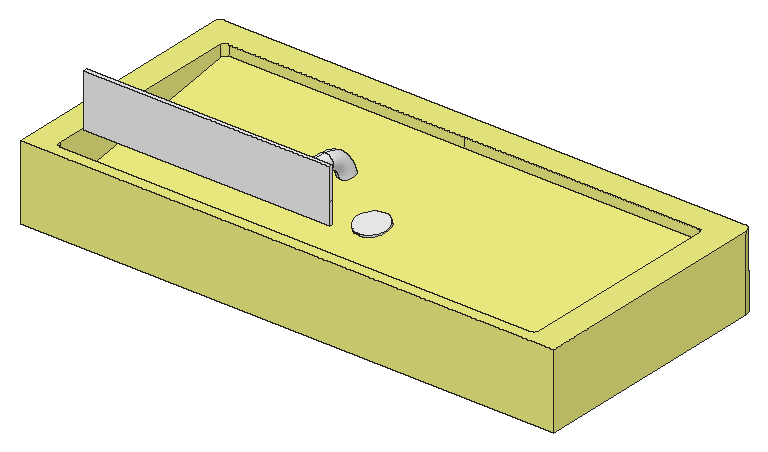
Revit family
Parameters (values of type "1000mm x 462mm")
  Robinetterie et tuyauterie = Métal - Chrome
  Manufacturer = ""
  Lavabos = Porcelaine - Jaune
  Hauteur = 800 mm
Reference planes
  plane 1 "Mur": y = 0
  plane 2 "Centre (gauche/droite)": x = 12.455
  plane 3 "Arrière": y = 75
  plane 4 "Plan de construction": z = 800
  plane 5: x = -487.545
  plane 6: x = 512.455
  plane 7: z = 1040
  plane 8: y = 275
  plane 9: x = -237.545
  plane 10: x = 262.455
  plane 11: y = 541.985
Forms (mm)
  Extrusion 1, solid, material "Porcelaine - Jaune" <- "Lavabos"
    sketch origin (0, 0, 800) x (0, 1, 0) y (-1, 0, 0)
      loop
        line (75, 487.545) -> (75, -512.455) -> (526.985, -512.455)
        arc (526.985, -512.455) -> (537.591, -508.062) -> (541.985, -497.455) r 15
        line (541.985, -497.455) -> (541.985, 477.545)
        arc (541.985, 477.545) -> (539.056, 484.616) -> (531.985, 487.545) r 10
        line (531.985, 487.545) -> (75, 487.545)
      loop
        arc (105, 437.545) -> (97.929, 434.616) -> (95, 427.545) r 10
        line (95, 427.545) -> (95, -12.455) -> (95, -452.455)
        arc (95, -452.455) -> (97.929, -459.526) -> (105, -462.455) r 10
        line (105, -462.455) -> (480, -462.455)
        arc (480, -462.455) -> (487.071, -459.526) -> (490, -452.455) r 10
        line (490, -452.455) -> (490, -12.455) -> (490, 427.545)
        arc (490, 427.545) -> (487.071, 434.616) -> (480, 437.545) r 10
        line (480, 437.545) -> (105, 437.545)
    from 0 to 140
  Extrusion 2, solid, material "Métal - Chrome" <- "Robinetterie et tuyauterie"
    sketch origin (-5000, 75, 0) x (-1, 0, 0) y (0, 0, 1)
      loop
        line (-5092.455, 1040) -> (-5092.455, 1000) -> (-4632.455, 1000) -> (-4632.455, 1100) -> (-5092.455, 1100) -> (-5092.455, 1040)
    from 0 to 5
  Sweep 3, solid, material "Métal - Chrome" <- "Robinetterie et tuyauterie"
    path origin (12.455, 0, 0) x (0, 1, 0) y (0, 0, 1)
      loop
        line (80, 1040) -> (165, 1040)
        arc (165, 1040) -> (197.121, 1028.383) -> (214.381, 998.908) r 50.217
    profile origin (12.455, 122.5, 1040) x (0, 0, 1) y (1, 0, 0)
      loop
        circle (0, 0) r 15
  Extrusion 4, solid, material "Métal - Chrome" <- "Robinetterie et tuyauterie"
    sketch origin (-5000, 80, 0) x (-1, 0, 0) y (0, 0, 1)
      loop
        circle (-4762.455, 1040) r 20
    from 0 to 36
  Sweep 5, solid, material "Métal - Chrome" <- "Robinetterie et tuyauterie"
    path origin (-5000, 75, 0) x (-1, 0, 0) y (0, 0, 1)
      loop
        line (-4762.455, 1040) -> (-4672.455, 1040)
    profile origin (-282.545, 75, 1040) x (0, 0, 1) y (0, 1, 0)
      loop
        spline (-7.06, 20) -> (-6.819, 19.167) -> (-6.114, 18.391) -> (-4.992, 17.725) -> (-3.53, 17.213) -> (-1.827, 16.892) -> (0, 16.782) -> (1.827, 16.892) -> (3.53, 17.213) -> (4.992, 17.725) -> (6.114, 18.391) -> (6.819, 19.167) -> (7.06, 20)
        spline (7.06, 20) -> (6.819, 20.833) -> (6.114, 21.609) -> (4.992, 22.275) -> (3.53, 22.787) -> (1.827, 23.108) -> (0, 23.218) -> (-1.827, 23.108) -> (-3.53, 22.787) -> (-4.992, 22.275) -> (-6.114, 21.609) -> (-6.819, 20.833) -> (-7.06, 20)
  Extrusion 6, solid, material "Porcelaine - Jaune" <- "Lavabos"
    sketch origin (-487.545, 531.985, 940) x (0, 0, -1) y (0, -1, 0)
      loop
        line (19.072, 41.985) -> (140, 41.985) -> (140, 436.985) -> (83.258, 436.985) -> (19.072, 41.985)
    from -950 to -24.361
  Extrusion 7, solid, material "Métal - Chrome" <- "Robinetterie et tuyauterie"
    sketch origin (-511.905, 480, 919.303) x (0, -0.987053, -0.160394) y (1, 0, 0)
      loop
        circle (207.92, 524.361) r 30
    from 0 to 3
Cuts and joins
  joined: Extrusion 4, Sweep 5
  joined: Extrusion 1, Extrusion 6
Lines and regions (mm)
  Masking region 1
    outline origin (0, 0, 0) x (1, 0, 0) y (0, 1, 0)
      loop
        line (-487.545, 531.985) -> (-487.545, 75) -> (512.455, 75) -> (512.455, 526.985)
        arc (512.455, 526.985) -> (508.062, 537.591) -> (497.455, 541.985) r 15
        line (497.455, 541.985) -> (-477.545, 541.985)
        arc (-477.545, 541.985) -> (-484.616, 539.056) -> (-487.545, 531.985) r 10
  symbolic lines
    curve 1: line (-427.545, 490, 0) -> (12.455, 490, 0)
    curve 2: line (12.455, 490, 0) -> (452.455, 490, 0)
    curve 3: arc (452.455, 490, 0) -> (459.526, 487.071, 0) -> (462.455, 480, 0) r 10
    curve 4: line (462.455, 480, 0) -> (462.455, 105, 0)
    curve 5: arc (462.455, 105, 0) -> (459.526, 97.929, 0) -> (452.455, 95, 0) r 10
    curve 6: line (452.455, 95, 0) -> (27.455, 95, 0)
    curve 7: line (-2.545, 95, 0) -> (-217.545, 95, 0)
    curve 8: arc (-427.545, 95, 0) -> (-434.616, 97.929, 0) -> (-437.545, 105, 0) r 10
    curve 9: line (-437.545, 105, 0) -> (-437.545, 480, 0)
    curve 10: arc (-437.545, 480, 0) -> (-434.616, 487.071, 0) -> (-427.545, 490, 0) r 10
    curve 11: line (-367.545, 80, 0) -> (-367.545, 75, 0)
    curve 12: line (92.455, 80, 0) -> (-367.545, 80, 0)
    curve 13: line (92.455, 75, 0) -> (92.455, 80, 0)
    curve 14: spline (-2.545, 214.381, 0) -> (-2.034, 218.199, 0) -> (-0.535, 221.756, 0) -> (1.848, 224.811, 0) -> (4.955, 227.155, 0) -> (8.573, 228.629, 0) -> (12.455, 229.131, 0) -> (16.337, 228.629, 0) -> (19.955, 227.155, 0) -> (23.062, 224.811, 0) -> (25.445, 221.756, 0) -> (26.944, 218.199, 0) -> (27.455, 214.381, 0)
    curve 15: line (-2.545, 214.381, 0) -> (-2.545, 80, 0)
    curve 16: line (27.455, 214.381, 0) -> (27.455, 80, 0)
    curve 17: line (-327.545, 98.218, 0) -> (-327.545, 91.782, 0)
    curve 18: line (-217.545, 116, 0) -> (-257.545, 116, 0)
    curve 19: line (-257.545, 116, 0) -> (-257.545, 80, 0)
    curve 20: line (-217.545, 116, 0) -> (-217.545, 80, 0)
    curve 21: line (-327.545, 98.218, 0) -> (-257.545, 98.218, 0)
    curve 22: line (-327.545, 91.782, 0) -> (-257.545, 91.782, 0)
    curve 23: line (-327.545, 95, 0) -> (-427.545, 95, 0)
    curve 24: spline (12.455, 303.902, 0) -> (4.69, 302.893, 0) -> (-2.545, 299.935, 0) -> (-8.758, 295.229, 0) -> (-13.526, 289.097, 0) -> (-16.523, 281.955, 0) -> (-17.545, 274.291, 0) -> (-16.523, 266.627, 0) -> (-13.526, 259.485, 0) -> (-8.758, 253.352, 0) -> (-2.545, 248.646, 0) -> (4.69, 245.688, 0) -> (12.455, 244.679, 0)
    curve 25: spline (12.455, 244.679, 0) -> (20.22, 245.688, 0) -> (27.455, 248.646, 0) -> (33.668, 253.352, 0) -> (38.436, 259.485, 0) -> (41.433, 266.627, 0) -> (42.455, 274.291, 0) -> (41.433, 281.955, 0) -> (38.436, 289.097, 0) -> (33.668, 295.229, 0) -> (27.455, 299.935, 0) -> (20.22, 302.893, 0) -> (12.455, 303.902, 0)
Text (mm)
  text "Côté de la mise en place" at (-1848.837, 1116.779, 0), in view "Niveau de réf."
  text "Côté de la mise en place" at (0, 1409.804, 2854.306), in view "Gauche"
  text "Côté de la mise en place" at (0, 499.811, 2980.732), in view "Droite"
Dimensions and locks
  locked: plane 3 "Arrière" to host wall
  equal spacing: plane 5, plane 2 "Centre (gauche/droite)", plane 6
  plane 5 to plane 6 = 1000 mm
  "Hauteur": level to plane 4 "Plan de construction"
  locked: plane 4 "Plan de construction" to plane 7 at 240
  equal spacing: plane 5, plane 9, plane 2 "Centre (gauche/droite)"
  equal spacing: plane 2 "Centre (gauche/droite)", plane 10, plane 6
  cut or joined group of Extrusion 1, Extrusion 6 to Extrusion 2 = 461.985 mm
  locked: plane 3 "Arrière" to cut or joined group of Extrusion 4, Sweep 5 at 41
  aligned and locked: plane 1 "Mur" to host wall
  aligned and locked: Masking region 1 sketch curve to cut or joined group of Extrusion 1, Extrusion 6  (x4)
  aligned and locked: curve 1 to cut or joined group of Extrusion 1, Extrusion 6
  aligned and locked: curve 2 to cut or joined group of Extrusion 1, Extrusion 6
  aligned and locked: curve 3 to cut or joined group of Extrusion 1, Extrusion 6
  aligned and locked: curve 4 to cut or joined group of Extrusion 1, Extrusion 6
  aligned and locked: curve 5 to cut or joined group of Extrusion 1, Extrusion 6
  aligned and locked: curve 6 to cut or joined group of Extrusion 1, Extrusion 6
  aligned and locked: cut or joined group of Extrusion 1, Extrusion 6 to curve 7
  aligned and locked: curve 8 to cut or joined group of Extrusion 1, Extrusion 6
  aligned and locked: curve 9 to cut or joined group of Extrusion 1, Extrusion 6
  aligned and locked: curve 10 to cut or joined group of Extrusion 1, Extrusion 6
  aligned and locked: curve 11 to Extrusion 2
  aligned and locked: curve 12 to Extrusion 2
  aligned and locked: curve 13 to Extrusion 2
  aligned and locked: curve 17 to cut or joined group of Extrusion 4, Sweep 5
  aligned and locked: curve 18 to cut or joined group of Extrusion 4, Sweep 5
  aligned and locked: cut or joined group of Extrusion 4, Sweep 5 to Extrusion 2
Automatic sketch dimensions
  Sweep 3 sketch curve to plane 7 = 0 mm
  Sweep 3 sketch curve to plane 3 "Arrière" = 5 mm
  Sweep 3 sketch curve to plane 3 "Arrière" = 90 mm
  plane 7 to Sweep 3 sketch curve = 41.092 mm
  Sweep 3 sketch curve to Sweep 3 sketch curve = 49.381 mm
  Sweep 3 sketch curve to plane 2 "Centre (gauche/droite)" = 0 mm
  Sweep 3 sketch curve to profile plane = 0 mm
  Sweep 5 sketch curve to plane 7 = 0 mm
  Sweep 5 sketch curve to plane 9 = 0 mm
  Sweep 5 sketch curve to plane 9 = 90 mm
  Sweep 5 sketch curve to profile plane = 0 mm
  profile plane to Sweep 5 sketch curve = 20 mm
  Extrusion 6 sketch curve to Extrusion 1 = 0 mm
  Extrusion 1 to Extrusion 6 sketch curve = 56.742 mm
  Extrusion 6 sketch curve to Extrusion 1 = 20 mm
  Extrusion 1 to Extrusion 6 sketch curve = 19.072 mm
  Extrusion 6 sketch curve to Extrusion 1 = 41.985 mm
  Extrusion 1 sketch curve to host wall = 0 mm
  Extrusion 1 sketch curve to plane 2 "Centre (gauche/droite)" = 0 mm  (x2)
  Extrusion 1 sketch curve to plane 6 = 0 mm
  Extrusion 1 sketch curve to plane 5 = 0 mm
  host wall to Extrusion 1 sketch curve = 20 mm
  Extrusion 1 sketch curve to Extrusion 1 sketch curve = 10 mm  (x3)
  Extrusion 1 sketch curve to plane 6 = 50 mm
  Extrusion 1 sketch curve to plane 8 = 205 mm  (x2)
  plane 5 to Extrusion 1 sketch curve = 50 mm
  Extrusion 1 sketch curve to Extrusion 1 sketch curve = 46.985 mm
  plane 5 to Extrusion 1 sketch curve = 10 mm
  Extrusion 1 sketch curve to Extrusion 1 sketch curve = 41.985 mm
  Extrusion 2 sketch curve to plane 7 = 0 mm
  plane 2 "Centre (gauche/droite)" to Extrusion 2 sketch curve = 80 mm
  plane 5 to Extrusion 2 sketch curve = 120 mm
  plane 7 to Extrusion 2 sketch curve = 40 mm
  Extrusion 2 sketch curve to plane 7 = 60 mm
  Extrusion 7 sketch curve to Extrusion 6 = 182.13 mm
  Extrusion 6 to Extrusion 7 sketch curve = 475.639 mm
  curve 11 to host wall = 0 mm
  curve 1 to plane 2 "Centre (gauche/droite)" = 0 mm
  curve 25 to plane 2 "Centre (gauche/droite)" = 0 mm
  curve 14 to plane 2 "Centre (gauche/droite)" = 0 mm
  curve 13 to host wall = 0 mm
  host wall to curve 11 = 5 mm
  curve 11 to curve 17 = 40 mm
  host wall to curve 8 = 30 mm
  plane 5 to curve 8 = 60 mm
  plane 5 to curve 10 = 60 mm
  curve 9 to curve 8 = 10 mm
  curve 21 to plane 9 = 20 mm
  plane 9 to curve 18 = 20 mm
  curve 7 to plane 2 "Centre (gauche/droite)" = 15 mm
  plane 8 to curve 25 = 0.709 mm
  curve 24 to curve 25 = 30 mm
  curve 24 to curve 25 = 0 mm
  curve 16 to curve 13 = 65 mm
  host wall to curve 6 = 20 mm
  curve 6 to plane 6 = 60 mm
  curve 2 to plane 6 = 60 mm
  curve 5 to curve 4 = 10 mm
  curve 19 to curve 22 = 11.782 mm
  curve 15 to curve 7 = 15 mm
  curve 23 to curve 21 = 3.218 mm
  plane 8 to curve 14 = 60.619 mm
  curve 25 to curve 24 = 29.612 mm
  curve 10 to plane 8 = 205 mm
  Extrusion 4 sketch curve to plane 7 = 0 mm
  Extrusion 4 sketch curve to plane 9 = 0 mm
  radius of Sweep 3 sketch curve = 15 mm
  radius of Extrusion 7 sketch curve = 30 mm
  radius of Extrusion 4 sketch curve = 20 mm
